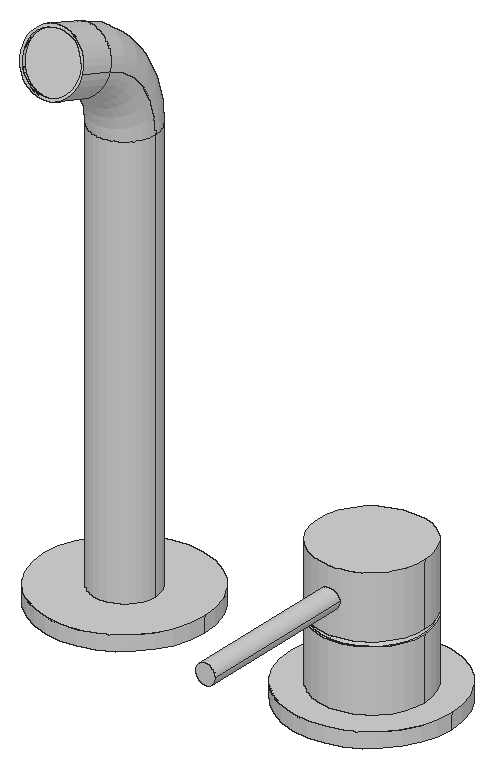
Revit family "Liano II - 210mm Wall basin-bath mixer - 2x Round Cover Plates", category Specialty Equipment, host Face, Revit 2019
Family settings
  Host = Face
  Round Connector Dimension = Use Radius
  Part Type = Normal
  OmniClass Number = 23.45.55.17
  OmniClass Title = Mixing Faucets
  Cut with Voids When Loaded = No
  Shared = No
  Room Calculation Point = No
Parameters (values of type "Liano II - 210mm Wall basin/bath mixer - 2x Round Cover Plates - Chrome")
  URL = "https://www.caroma.com.au/"
  Model = "96352C6A"
  Material_Base = GWA_Metal-Chrome
  Manufacturer = "GWA Bathrooms & Kitchens"  # constant formula
  Keynote = ""
  Description = "Liano II - 210mm Wall basin/bath mixer - 2x Round Cover Plates - Chrome"
  Default Elevation = 1000 mm
  CreatedBy_ANZRS = "GWA Bathrooms & Kitchens"  # constant formula
  Assembly Code = "C1030220"
Types (6, lengths in mm): name | Model | Material_Base | Description
  (no name) | "96352C6A" | GWA_Metal-Chrome | "Liano II - 210mm Wall basin/bath mixer - 2x Round Cover Plates - Chrome"
  Liano II - 210mm Wall basin/bath mixer - 2x Round Cover Plates - Chrome | "96352C6A" | GWA_Metal-Chrome | "Liano II - 210mm Wall basin/bath mixer - 2x Round Cover Plates - Chrome"
  Liano II - 210mm Wall basin/bath mixer - 2x Round Cover Plates - Matte Black | "96352B6A" | GWA-Metal-Black | "Liano II - 210mm Wall basin/bath mixer - 2x Round Cover Plates - Matte Black"
  Liano II - 210mm Wall basin/bath mixer - 2x Round Cover Plates - Brass | "96352BB6A" | GWA_Metal-Brushed-Brass | "Liano II - 210mm Wall basin/bath mixer - 2x Round Cover Plates - Brass"
  Liano II - 210mm Wall basin/bath mixer - 2x Round Cover Plates - Gunmetal | "96352GM6A" | GWA-Metal-Gunmetal Grey | "Liano II - 210mm Wall basin/bath mixer - 2x Round Cover Plates - Gunmetal"
  Liano II - 210mm Wall basin/bath mixer - 2x Round Cover Plates - Brushed Nickel | "96352BN6A" | GWA_Metal-Brushed-Nickel | "Liano II - 210mm Wall basin/bath mixer - 2x Round Cover Plates - Brushed Nickel"
Reference planes
  plane 1 "Center (Front/Back)": y = 0
  plane 2: z = 0
  plane 3 "Center (Left/Right)": x = 0
Forms (mm)
  Extrusion 1, solid, material "GWA_Metal-Chrome" <- "Material_Base"
    sketch origin (0, 0, 0) x (1, 0, 0) y (0, 1, 0)
      loop
        circle (0, 0) r 32.5
    from 0 to 6
  Extrusion 2, solid, material "GWA_Metal-Chrome" <- "Material_Base"
    sketch origin (-100, 0, 0) x (1, 0, 0) y (0, 1, 0)
      loop
        circle (0, 0) r 32.5
    from 0 to 6
  Extrusion 3, solid, material "GWA_Metal-Chrome" <- "Material_Base"
    sketch origin (0, 0, 0) x (1, 0, 0) y (0, 1, 0)
      loop
        circle (0, 0) r 21.5
    from 6 to 30.5
  Extrusion 4, solid, material "GWA_Metal-Chrome" <- "Material_Base"
    sketch origin (0, 0, 0) x (1, 0, 0) y (0, 1, 0)
      loop
        circle (0, 0) r 21.5
    from 32.5 to 57.5
  Revolve 5, solid, material "GWA_Metal-Chrome" <- "Material_Base"
    sketch origin (0, 0, 0) x (0, 1, 0) y (0, 0, 1)
      loop
        line (0, 30.5) -> (20.6, 30.5)
        arc (20.6, 30.5) -> (18.521, 33.852) -> (15.9, 36.8) r 23
        line (15.9, 36.8) -> (0, 36.8) -> (0, 30.5)
      axis (0, 36.8) -> (0, 30.5)
    angle from 0 to 360
  Extrusion 6, solid, material "GWA_Metal-Chrome" <- "Material_Base"
    sketch origin (0, 0, 0) x (1, 0, 0) y (0, 0, 1)
      loop
        circle (0, 45.5) r 4
    from 0 to 84
  Sweep 7, solid, material "GWA_Metal-Chrome" <- "Material_Base"
    path origin (-100, 0, 0) x (0, 1, 0) y (0, 0, 1)
      loop
        line (0, 6) -> (0, 173.393)
        arc (0, 173.393) -> (-6.33, 193.468) -> (-23.029, 206.282) r 35
        line (-23.029, 206.282) -> (-36.648, 211.239)
    profile origin (-100, 0, 89.696) x (0, -1, 0) y (1, 0, 0)
      loop
        circle (0, 0) r 12.5
  Extrusion 8, void
    sketch origin (0, -89.003, 67.394) x (0, 0.34202, 0.939693) y (1, 0, 0)
      loop
        circle (153.076, -100) r 11.5
    from -1 to 1
Cuts and joins
  joined: Extrusion 4, Extrusion 6
  Extrusion 8 cuts Sweep 7
Lines and regions (mm)
  Masking region 1
    outline origin (0, 0, 0) x (1, 0, 0) y (0, 1, 0)
      loop
        arc (-87.3, -29.916) -> (-100, 32.5) -> (-112.7, -29.916) r 32.5
        line (-112.7, -29.916) -> (-112.7, -36.648)
        spline (-112.7, -36.648) -> (-112.267, -37.772) -> (-110.999, -38.82) -> (-108.98, -39.719) -> (-106.35, -40.41) -> (-103.287, -40.844) -> (-100, -40.992) -> (-96.713, -40.844) -> (-93.65, -40.41) -> (-91.02, -39.719) -> (-89.001, -38.82) -> (-87.733, -37.772) -> (-87.3, -36.648)
        line (-87.3, -36.648) -> (-87.3, -29.916)
      loop
        arc (4, -32.253) -> (0, 32.5) -> (-4, -32.253) r 32.5
        line (-4, -32.253) -> (-4, -84) -> (4, -84) -> (4, -32.253)
  Masking region 2
    outline origin (0, 0, 0) x (1, 0, 0) y (0, 0, 1)
      loop
        line (-87.3, 211.239) -> (-87.3, 6) -> (-67.5, 6) -> (-67.5, 0) -> (-132.5, 0) -> (-132.5, 6) -> (-112.801, 6) -> (-112.801, 211.245)
        arc (-112.801, 211.245) -> (-100, 223.257) -> (-87.199, 211.245) r 12.827
      loop
        line (21.5, 6) -> (21.5, 30.5) -> (20.6, 30.5)
        arc (20.6, 30.5) -> (20.053, 31.514) -> (19.457, 32.5) r 23
        line (19.457, 32.5) -> (21.5, 32.5) -> (21.5, 57.5) -> (-21.5, 57.5) -> (-21.5, 32.5) -> (-19.457, 32.5)
        arc (-19.457, 32.5) -> (-20.053, 31.514) -> (-20.6, 30.5) r 23
        line (-20.6, 30.5) -> (-21.5, 30.5) -> (-21.5, 6) -> (-32.5, 6) -> (-32.5, 0) -> (32.5, 0) -> (32.5, 6) -> (21.5, 6)
  Masking region 3
    outline origin (-100, 0, 0) x (0, 1, 0) y (0, 0, 1)
      loop
        line (-32.373, 222.985) -> (-40.923, 199.493) -> (-27.305, 194.536)
        arc (-27.305, 194.536) -> (-16.569, 186.298) -> (-12.5, 173.393) r 22.5
        line (-12.5, 173.393) -> (-12.5, 57.5) -> (-21.5, 57.5) -> (-21.5, 49.5) -> (-84, 49.5) -> (-84, 41.5) -> (-21.5, 41.5) -> (-21.5, 32.5) -> (-19.457, 32.5)
        arc (-19.457, 32.5) -> (-20.053, 31.514) -> (-20.6, 30.5) r 23
        line (-20.6, 30.5) -> (-21.5, 30.5) -> (-21.5, 6) -> (-32.5, 6) -> (-32.5, 0) -> (32.5, 0) -> (32.5, 6) -> (21.5, 6) -> (21.5, 30.5) -> (20.6, 30.5)
        arc (20.6, 30.5) -> (20.053, 31.514) -> (19.457, 32.5) r 23
        line (19.457, 32.5) -> (21.5, 32.5) -> (21.5, 57.5) -> (12.5, 57.5) -> (12.5, 173.393)
        arc (12.5, 173.393) -> (3.91, 200.638) -> (-18.754, 218.028) r 47.5
        line (-18.754, 218.028) -> (-32.373, 222.985)
  symbolic lines
    curve 1: arc (4, -32.253, 0) -> (0, 32.5, 0) -> (-4, -32.253, 0) r 32.5
    curve 2: circle (0, 0, 0) r 21.5 normal (0, 0, 1)
    curve 3: line (-4, -84, 0) -> (4, -84, 0)
    curve 4: line (4, -84, 0) -> (4, -21.125, 0)
    curve 5: line (-4, -84, 0) -> (-4, -21.125, 0)
    curve 6: arc (-87.3, -29.916, 0) -> (-100, 32.5, 0) -> (-112.7, -29.916, 0) r 32.5
    curve 7: spline (-112.7, -36.648, 0) -> (-112.267, -37.772, 0) -> (-110.999, -38.82, 0) -> (-108.98, -39.719, 0) -> (-106.35, -40.41, 0) -> (-103.287, -40.844, 0) -> (-100, -40.992, 0) -> (-96.713, -40.844, 0) -> (-93.65, -40.41, 0) -> (-91.02, -39.719, 0) -> (-89.001, -38.82, 0) -> (-87.733, -37.772, 0) -> (-87.3, -36.648, 0)
    curve 8: spline (-100, -32.715, 0) -> (-97.024, -32.849, 0) -> (-94.25, -33.242, 0) -> (-91.868, -33.867, 0) -> (-90.041, -34.681, 0) -> (-88.892, -35.63, 0) -> (-88.5, -36.648, 0) -> (-88.892, -37.666, 0) -> (-90.041, -38.615, 0) -> (-91.868, -39.429, 0) -> (-94.25, -40.054, 0) -> (-97.024, -40.447, 0) -> (-100, -40.581, 0)
    curve 9: spline (-111.418, -36.178, 0) -> (-110.756, -37.1, 0) -> (-109.469, -37.94, 0) -> (-107.631, -38.651, 0) -> (-105.348, -39.19, 0) -> (-102.754, -39.527, 0) -> (-100, -39.642, 0) -> (-97.246, -39.527, 0) -> (-94.652, -39.19, 0) -> (-92.369, -38.651, 0) -> (-90.531, -37.94, 0) -> (-89.244, -37.1, 0) -> (-88.582, -36.178, 0)
    curve 10: spline (-100, -40.581, 0) -> (-102.976, -40.447, 0) -> (-105.75, -40.054, 0) -> (-108.132, -39.429, 0) -> (-109.959, -38.615, 0) -> (-111.108, -37.666, 0) -> (-111.5, -36.648, 0) -> (-111.108, -35.63, 0) -> (-109.959, -34.681, 0) -> (-108.132, -33.867, 0) -> (-105.75, -33.242, 0) -> (-102.976, -32.849, 0) -> (-100, -32.715, 0)
    curve 11: spline (-87.3, -36.648, 0) -> (-87.733, -35.524, 0) -> (-89.001, -34.476, 0) -> (-91.02, -33.577, 0) -> (-93.65, -32.886, 0) -> (-96.713, -32.452, 0) -> (-100, -32.304, 0) -> (-103.287, -32.452, 0) -> (-106.35, -32.886, 0) -> (-108.98, -33.577, 0) -> (-110.999, -34.476, 0) -> (-112.267, -35.524, 0) -> (-112.7, -36.648, 0)
    curve 12: line (-112.7, -36.648, 0) -> (-112.7, 0, 0)
    curve 13: line (-87.3, 0, 0) -> (-87.3, -36.648, 0)
    curve 14: arc (-112.7, 0, 0) -> (-100, 12.7, 0) -> (-87.3, 0, 0) r 12.7
    curve 15: line (-67.5, 0, 6) -> (-132.5, 0, 6)
    curve 16: line (-67.5, 0, 0) -> (-67.5, 0, 6)
    curve 17: line (-132.5, 0, 0) -> (-67.5, 0, 0)
    curve 18: line (-132.5, 0, 6) -> (-132.5, 0, 0)
    curve 19: line (32.5, 0, 6) -> (-32.5, 0, 6)
    curve 20: line (32.5, 0, 0) -> (32.5, 0, 6)
    curve 21: line (-32.5, 0, 0) -> (32.5, 0, 0)
    curve 22: line (-32.5, 0, 6) -> (-32.5, 0, 0)
    curve 23: line (21.5, 0, 57.5) -> (-21.5, 0, 57.5)
    curve 24: line (21.5, 0, 32.5) -> (21.5, 0, 57.5)
    curve 25: line (-21.5, 0, 32.5) -> (21.5, 0, 32.5)
    curve 26: line (-21.5, 0, 57.5) -> (-21.5, 0, 32.5)
    curve 27: line (21.5, 0, 6) -> (21.5, 0, 30.5)
    curve 28: line (21.5, 0, 30.5) -> (-21.5, 0, 30.5)
    curve 29: line (-21.5, 0, 30.5) -> (-21.5, 0, 6)
    curve 30: arc (-19.457, 0, 32.5) -> (-20.053, 0, 31.514) -> (-20.6, 0, 30.5) r 23
    curve 31: arc (19.457, 0, 32.5) -> (20.053, 0, 31.514) -> (20.6, 0, 30.5) r 23
    curve 32: line (-100, -32.373, 222.985) -> (-100, -40.923, 199.493)
    curve 33: line (-100, -32.5, 6) -> (-100, 32.5, 6)
    curve 34: line (-100, -32.5, 0) -> (-100, -32.5, 6)
    curve 35: line (-100, 32.5, 0) -> (-100, -32.5, 0)
    curve 36: line (-100, 32.5, 6) -> (-100, 32.5, 0)
    curve 37: line (-100, -21.5, 57.5) -> (-100, 21.5, 57.5)
    curve 38: line (-100, -21.5, 32.5) -> (-100, -21.5, 41.5)
    curve 39: line (-100, 21.5, 57.5) -> (-100, 21.5, 32.5)
    curve 40: line (-100, 21.5, 30.5) -> (-100, 21.5, 6)
    curve 41: line (-100, -21.5, 30.5) -> (-100, -21.5, 6)
    curve 42: line (-100, -84, 49.5) -> (-100, -21.5, 49.5)
    curve 43: line (-100, -84, 41.5) -> (-100, -84, 49.5)
    curve 44: line (-100, -21.5, 41.5) -> (-100, -84, 41.5)
    curve 45: arc (-100, -21.5, 49.5) -> (-100, -21.125, 45.5) -> (-100, -21.5, 41.5) r 21.5
    curve 46: arc (-100, 19.457, 32.5) -> (-100, 20.053, 31.514) -> (-100, 20.6, 30.5) r 23
    curve 47: arc (-100, -19.457, 32.5) -> (-100, -20.053, 31.514) -> (-100, -20.6, 30.5) r 23
    curve 48: line (-100, -21.5, 49.5) -> (-100, -21.5, 57.5)
    curve 49: line (-100, -21.5, 32.5) -> (-100, 21.5, 32.5)
    curve 50: line (-100, 21.5, 30.5) -> (-100, -21.5, 30.5)
    curve 51: line (-100, -27.305, 194.536) -> (-100, -40.923, 199.493)
    curve 52: line (-100, -18.754, 218.028) -> (-100, -32.373, 222.985)
    curve 53: arc (-100, -18.754, 218.028) -> (-100, 3.91, 200.638) -> (-100, 12.5, 173.393) r 47.5
    curve 54: arc (-100, -27.305, 194.536) -> (-100, -16.569, 186.298) -> (-100, -12.5, 173.393) r 22.5
    curve 55: line (-100, -12.5, 57.5) -> (-100, -12.5, 173.393)
    curve 56: line (-100, 12.5, 57.5) -> (-100, 12.5, 173.393)
    curve 57: arc (-87.199, 0, 211.245) -> (-100, 0, 223.257) -> (-112.801, 0, 211.245) r 12.827
    curve 58: line (-87.3, 0, 6) -> (-87.3, 0, 211.239)
    curve 59: line (-112.801, 0, 211.245) -> (-112.801, 0, 6)
Dimensions and locks
  aligned and locked: plane 2 to host face
  aligned and locked: level to host face
Connectors
  piping at (-10, 0, 0), diameter 20
    settings: index 1, connector inside diameter 609.6 mm, connector length 0 mm, flow factor 0, pipe flow 0.0 L/s, pressure drop 0.0 Pa, fitting loss kfactor 0, connector angle 0.00°, fixture units 0, engagement length 0 mm, angle of deflection 0.00°, flow configuration 3, flow direction 1, fitting loss method 0, system type 19, joint type 0, gender type 0, connector reference index -1, connector utility 0, adjustable connector no, is connector primary yes, connector description ""
  piping at (10, 0, 0), diameter 20
    settings: index 2, connector inside diameter 609.6 mm, connector length 0 mm, flow factor 0, pipe flow 0.0 L/s, pressure drop 0.0 Pa, fitting loss kfactor 0, connector angle 0.00°, fixture units 0, engagement length 0 mm, angle of deflection 0.00°, flow configuration 3, flow direction 1, fitting loss method 0, system type 20, joint type 0, gender type 0, connector reference index -1, connector utility 0, adjustable connector no, is connector primary no, connector description ""
